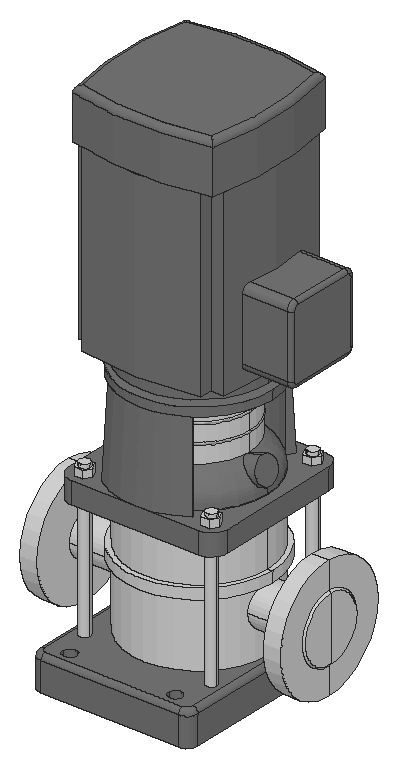
Revit family "TESK_Насос вертикальный_SVM(T)-3", category Оборудование, Revit 2019 (continued)
Types in the file's own list only (46): name | Напор максимальный | Материал_КорпусУлитка | Длина_ВспомЛиния | Высота_Перехода | Высота_Корпуса | ADSK_Полная мощность | ADSK_Номинальная мощность | ADSK_Напряжение | ADSK_Наименование | ADSK_Масса_Текст | ADSK_Масса | ADSK_Марка | ADSK_Код изделия | ADSK_Диаметр условный | Фланец_Толщина | УГО_Длина | Двигатель_Ширина | Двигатель_ОтступКоробки | Двигатель_Высота
  SVMT 3-15 1.1kW 3x380V 50Hz IE3 | 90 | TESK_Черный_Условный | 30 мм | 110 мм | 502 мм | 1 кВ·А | 1 кВт | 400 В | "Вертикальный многоступенчатый центробежный насос SVMT, DN25, PN25, Hmax=90м (3x380V 50Hz IE3)" | "32" | 32 | "SVMT 3-15 1.1kW 3x380V 50Hz IE3" | "773-150003380N" | 25 мм | 18 мм | 250 мм | 170 мм | 142 мм | 280 мм
  SVMT 3-17 1.5kW 3x380V 50Hz IE3 | 103 | TESK_Черный_Условный | 30 мм | 130 мм | 548 мм | 2 кВ·А | 2 кВт | 400 В | "Вертикальный многоступенчатый центробежный насос SVMT, DN25, PN25, Hmax=103м (3x380V 50Hz IE3)" | "38" | 38 | "SVMT 3-17 1.5kW 3x380V 50Hz IE3" | "773-170003380N" | 25 мм | 18 мм | 250 мм | 190 мм | 155 мм | 333 мм
  SVMT 3-19 1.5kW 3x380V 50Hz IE3 | 115 | TESK_Черный_Условный | 30 мм | 130 мм | 584 мм | 2 кВ·А | 2 кВт | 400 В | "Вертикальный многоступенчатый центробежный насос SVMT, DN25, PN25, Hmax=115м (3x380V 50Hz IE3)" | "39" | 39 | "SVMT 3-19 1.5kW 3x380V 50Hz IE3" | "773-190003380N" | 25 мм | 18 мм | 250 мм | 190 мм | 155 мм | 333 мм
  SVMT 3-21 2.2kW 3x380V 50Hz IE3 | 128 | TESK_Черный_Условный | 30 мм | 130 мм | 620 мм | 2 кВ·А | 2 кВт | 400 В | "Вертикальный многоступенчатый центробежный насос SVMT, DN25, PN25, Hmax=128м (3x380V 50Hz IE3)" | "42" | 42 | "SVMT 3-21 2.2kW 3x380V 50Hz IE3" | "773-210003380N" | 25 мм | 18 мм | 250 мм | 190 мм | 155 мм | 333 мм
  SVMT 3-23 2.2kW 3x380V 50Hz IE3 | 140 | TESK_Черный_Условный | 30 мм | 130 мм | 656 мм | 2 кВ·А | 2 кВт | 400 В | "Вертикальный многоступенчатый центробежный насос SVMT, DN25, PN25, Hmax=140м (3x380V 50Hz IE3)" | "43" | 43 | "SVMT 3-23 2.2kW 3x380V 50Hz IE3" | "773-230003380N" | 25 мм | 18 мм | 250 мм | 190 мм | 155 мм | 333 мм
  SVMT 3-25 2.2kW 3x380V 50Hz IE3 | 151 | TESK_Черный_Условный | 30 мм | 130 мм | 692 мм | 2 кВ·А | 2 кВт | 400 В | "Вертикальный многоступенчатый центробежный насос SVMT, DN25, PN25, Hmax=151м (3x380V 50Hz IE3)" | "44" | 44 | "SVMT 3-25 2.2kW 3x380V 50Hz IE3" | "773-250003380N" | 25 мм | 18 мм | 250 мм | 190 мм | 155 мм | 333 мм
  SVMT 3-27 2.2kW 3x380V 50Hz IE3 | 164 | TESK_Черный_Условный | 30 мм | 130 мм | 728 мм | 2 кВ·А | 2 кВт | 400 В | "Вертикальный многоступенчатый центробежный насос SVMT, DN25, PN25, Hmax=164м (3x380V 50Hz IE3)" | "45" | 45 | "SVMT 3-27 2.2kW 3x380V 50Hz IE3" | "773-270003380N" | 25 мм | 18 мм | 250 мм | 190 мм | 155 мм | 333 мм
  SVMT 3-29 2.2kW 3x380V 50Hz IE3 | 175 | TESK_Черный_Условный | 30 мм | 130 мм | 764 мм | 2 кВ·А | 2 кВт | 400 В | "Вертикальный многоступенчатый центробежный насос SVMT, DN25, PN25, Hmax=175м (3x380V 50Hz IE3)" | "46" | 46 | "SVMT 3-29 2.2kW 3x380V 50Hz IE3" | "773-290003380N" | 25 мм | 18 мм | 250 мм | 190 мм | 155 мм | 333 мм
  SVMT 3-31 3kW 3x380V 50Hz IE3 | 187 | TESK_Черный_Условный | 30 мм | 150 мм | 810 мм | 3 кВ·А | 3 кВт | 400 В | "Вертикальный многоступенчатый центробежный насос SVMT, DN25, PN25, Hmax=187м (3x380V 50Hz IE3)" | "54" | 54 | "SVMT 3-31 3kW 3x380V 50Hz IE3" | "773-310003380N" | 25 мм | 18 мм | 250 мм | 197 мм | 165 мм | 348 мм
  SVMT 3-33 3kW 3x380V 50Hz IE3 | 199 | TESK_Черный_Условный | 30 мм | 150 мм | 846 мм | 3 кВ·А | 3 кВт | 400 В | "Вертикальный многоступенчатый центробежный насос SVMT, DN25, PN25, Hmax=199м (3x380V 50Hz IE3)" | "55" | 55 | "SVMT 3-33 3kW 3x380V 50Hz IE3" | "773-330003380N" | 25 мм | 18 мм | 250 мм | 197 мм | 165 мм | 348 мм
  SVMT 3-36 3kW 3x380V 50Hz IE3 | 218 | TESK_Черный_Условный | 30 мм | 150 мм | 900 мм | 3 кВ·А | 3 кВт | 400 В | "Вертикальный многоступенчатый центробежный насос SVMT, DN25, PN25, Hmax=218м (3x380V 50Hz IE3)" | "57" | 57 | "SVMT 3-36 3kW 3x380V 50Hz IE3" | "773-360003380N" | 25 мм | 18 мм | 250 мм | 197 мм | 165 мм | 348 мм
